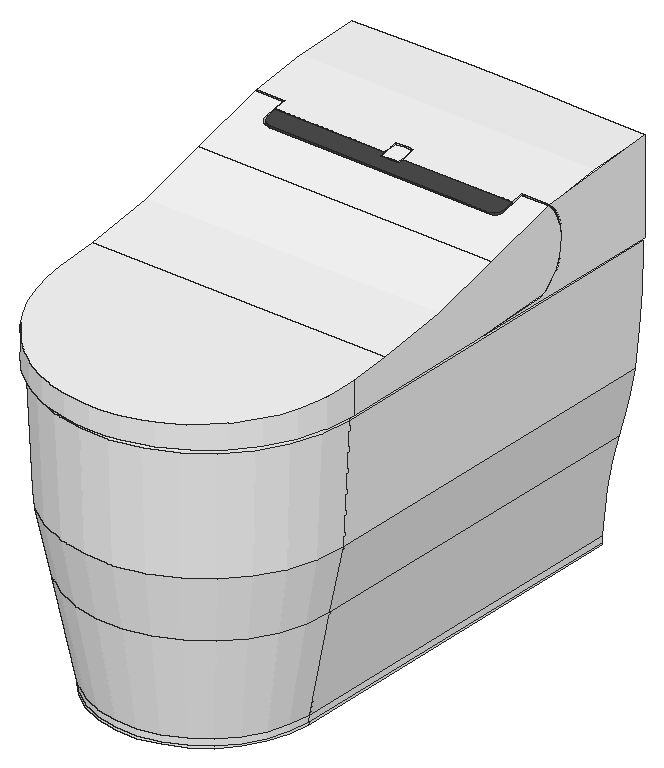
Revit family "Toilet-Bidet-DXV-AT200LS_SpaLet-D29030CS416-415", category Plumbing Fixtures, Revit 2018
Family settings
  Round Connector Dimension = Use Radius
  Part Type = Normal
  OmniClass Number = 23.45.05.21.11
  OmniClass Title = Water Closets
  Work Plane-Based = Yes
  Always vertical = No
  Cut with Voids When Loaded = No
  Shared = Yes
  Room Calculation Point = No
Parameters (values of type "D29030CS416-415")
  Width = 14 3/4"  # constant formula
  Waste Connection Radius = 1"
  Waste Connection Diameter = Waste Connection Radius * 2  # 2"
  Waste Connection = yes
  Warranty Information = "3 year warranty for residential , 2 year warranty for commercial."
  Warranty Documentation Link = "https://www.dxv.com/-/media/files/dxv/warranty/dxv_warranty_booklet.ashx"
  WFU = 5
  Voltage = 120 V
  Vent Connection = no
  URL = "http://www.dxv.com"
  Revised Date = "04/05/2021"  # constant formula
  Product Page URL = "https://www.dxv.com/product/at200ls-spalet-integrated-electronic-bidet-toilet"
  Product Documentation Link = "https://dxv01.blob.core.windows.net/dxv-product-pdf-files/spec_D29030CS416_DXV_AT200LS_SpaLet_bidet_toilet_EN.pdf"
  Price = "Prices may vary. Please consult Manufacturer Representative for most up-to-date price list."  # constant formula
  Model = "D29030CS416-415"
  Material = "Vitreous_China-DXV-415-Canvas_White"
  Manufacturer = "DXV"
  Length = 26 9/16"  # constant formula
  Installation Type = "Floor Mounted"
  IAPMO Compliance = "Meets or Exceeds ASME A112.19.2 / CSA B45.1, ASME A112.4.2 / CSA B45.16, UL 1431, CSA C22.2 No. 68-14 Update No. 3, CSA C22.2 No. 64-14EPA WaterSense® Certified"
  Height = 19 5/16"  # constant formula
  HWFU = 0
  HW Connection = no
  Frequency = 60 Hz
  Flush Rate = "1.32-0.92 gpf (4.9-3.4 lpf)"
  Finish = Vitreous_China-DXV-415-Canvas_White
  Electrical Connection Width = 9 1/16"
  Electrical Connection Height = 10"
  Description = "AT200LS SpaLet Integrated Electronic Bidet Toilet"
  Default Elevation = 0"
  Creation Date = "06/10/2014"  # constant formula
  Cold Water Connection Width = 9 1/16"
  Cold Water Connection Radius = 1/4"
  Cold Water Connection Height = 5 5/16"
  Cold Water Connection Diameter = Cold Water Connection Radius * 2  # 1/2"
  CWFU = 5
  CW Connection = yes
  Bowl Shape = "Elongated"
  Assembly Code = "D2010110"
  ADA Compliant = yes
Reference planes (in)
  plane 1 "Center (Front/Back)": y = 0
  plane 2: z = 0
  plane 3 "Center (Left/Right)": x = 0
  plane 4: z = 15.125
  plane 5: y = -25.5625
  plane 6: y = -12
  plane 7: y = -18.5
  plane 8: x = 5.125
  plane 9: x = -5.125
  plane 10: z = 5.3125
  plane 11: x = -9.0625
  plane 12: z = 10
  plane 13: x = -9.0625
  plane 14: x = 7.375
  plane 15: x = -7.375
  plane 16: y = -26.5625
  plane 17: y = -0.75
  plane 18: z = 15.75
  plane 19: z = 19.3125
  plane 20: x = -0.5
  plane 21: x = 0.5
  plane 22: y = -7.73302
  plane 23: y = -6.73302
  plane 24: x = 3.53125
  plane 25: x = 1.625
  plane 26: x = -3.53125
  plane 27: x = -1.625
  plane 28: x = -12
Forms (in)
  Extrusion 1, solid, material "Vitreous_China-DXV-415-Canvas_White" <- "Finish"
    sketch origin (0, 0, 0) x (1, 0, 0) y (0, 1, 0)
      loop
        circle (0, -12) r 1
    from 0 to -0.03125
  Extrusion 2, solid, material "Vitreous_China-DXV-415-Canvas_White" <- "Finish", not visible
    sketch origin (0, 0, 0) x (1, 0, 0) y (0, 0, 1)
      loop
        circle (-9.0625, 5.3125) r 0.25
    from 0 to 0.03125
  Extrusion 3, solid, material "Vitreous_China-DXV-415-Canvas_White", not visible
    sketch origin (-3.9375, 0, 0) x (1, 0, 0) y (0, 0, 1)
      loop
        line (-9.0625, 8.5) -> (-7.0625, 8.5) -> (-7.0625, 11.5) -> (-9.0625, 11.5) -> (-9.0625, 8.5)
    from 0 to 0.032
  Sweep 4, solid, material "Vitreous_China-DXV-415-Canvas_White" <- "Finish"
    path origin (0, 0, 0) x (1, 0, 0) y (0, 1, 0)
      loop
        line (-7.375, 0) -> (-7.375, -19.18352)
        arc (-7.375, -19.18352) -> (0, -26.55852) -> (7.375, -19.18352) r 7.375
        line (7.375, -19.18352) -> (7.375, 0)
    profile origin (-7.375, -9.59176, 0) x (1, 0, 0) y (0, 0, 1)
      loop
        line (2.25, 0) -> (6.76337, 0) -> (6.76337, 14.76547) -> (0.56764, 14.76547)
        arc (0.56764, 14.76547) -> (0.32217, 14.66454) -> (0.21869, 14.42014) r 0.34897
        arc (0.21869, 14.42014) -> (0.27813, 11.5136) -> (0.51687, 8.61628) r 47.07635
        arc (0.51687, 8.61628) -> (0.77859, 7.00679) -> (1.19375, 5.42991) r 16.95256
        arc (1.19375, 5.42991) -> (1.83782, 2.96506) -> (2.23283, 0.44826) r 25.50994
        arc (2.23283, 0.44826) -> (2.2457, 0.28626) -> (2.25, 0.1238) r 3.07467
        line (2.25, 0.1238) -> (2.25, 0)
  Extrusion 5, void
    sketch origin (0, 0, 0) x (0, 1, 0) y (0, 0, 1)
      loop
        arc (-27.38032, 15.7596) -> (-22.26498, 16.04418) -> (-17.159, 16.46465) r 192.69576
        arc (-17.159, 16.46465) -> (-13.80517, 16.97426) -> (-10.52814, 17.85118) r 30.66698
        arc (-10.52814, 17.85118) -> (-5.39413, 19.04362) -> (-0.13032, 19.3125) r 29.78636
        line (-0.13032, 19.3125) -> (-0.13032, 22.39507) -> (-27.38032, 22.39507) -> (-27.38032, 15.7596)
      loop
        line (-0.75, 0) -> (1.36968, 0) -> (1.36968, 15.03964) -> (-0.75, 15.03964) -> (-0.75, 14.03964)
        arc (-0.75, 14.03964) -> (-0.78632, 10.61237) -> (-0.94975, 7.18881) r 92.38675
        arc (-0.94975, 7.18881) -> (-1.02143, 4.96592) -> (-0.94183, 2.7433) r 32.69762
        line (-0.94183, 2.7433) -> (-0.75, 0)
    from -8.61702 to 7.9444
  Extrusion 6, solid, material "Vitreous_China-DXV-415-Canvas_White" <- "Finish"
    sketch origin (0, 0, 0) x (1, 0, 0) y (0, 1, 0)
      loop
        line (0.61163, 0) -> (-0.61163, 0) -> (-0.61163, -19.18352)
        arc (-0.61163, -19.18352) -> (0, -19.79515) -> (0.61163, -19.18352) r 0.61163
        line (0.61163, -19.18352) -> (0.61163, 0)
    from 0 to 14.76547
  Extrusion 7, solid, material "Vitreous_China-DXV-415-Canvas_White" <- "Finish"
    sketch origin (0, 0, -0.91558) x (1, 0, 0) y (0, 1, 0)
      loop
        line (-7.375, -0.88316) -> (-7.375, -19.18377)
        arc (-7.375, -19.18377) -> (0, -26.55877) -> (7.375, -19.18377) r 7.375
        line (7.375, -19.18377) -> (7.375, -0.88316)
        arc (7.375, -0.88316) -> (0, -0.75) -> (-7.375, -0.88316) r 204.30032
    from 15.6389 to 21.875
  Extrusion 8, void
    sketch origin (0, 0, -0.91558) x (0, 1, 0) y (0, 0, 1)
      loop
        arc (-7.37704, 15.82539) -> (-7.20802, 15.86129) -> (-7.05787, 15.94679) r 0.5625
        arc (-7.05787, 15.94679) -> (-6.10148, 17.94704) -> (-7.08545, 19.93386) r 2.53332
        line (-7.08545, 19.93386) -> (-7.13001, 19.8893)
        arc (-7.13001, 19.8893) -> (-6.16401, 17.95061) -> (-7.09677, 15.99571) r 2.47082
        arc (-7.09677, 15.99571) -> (-7.22801, 15.92056) -> (-7.37571, 15.88808) r 0.5
        line (-7.37571, 15.88808) -> (-12.46873, 15.55855) -> (-7.37704, 15.82539)
    from -7.59375 to -5.97066
  Extrusion 9, void
    sketch origin (0, 0, -0.91558) x (1, 0, 0) y (0, 1, 0)
      loop
        line (-5.97066, -6.84181) -> (-6.03316, -6.84181) -> (-6.03316, -7.92145)
        arc (-6.03316, -7.92145) -> (-5.89182, -8.26268) -> (-5.55058, -8.40403) r 0.48258
        line (-5.55058, -8.40403) -> (5.55058, -8.40403)
        arc (5.55058, -8.40403) -> (5.89182, -8.26268) -> (6.03316, -7.92145) r 0.48258
        line (6.03316, -7.92145) -> (6.03316, -6.84181) -> (5.97066, -6.84181) -> (5.97066, -7.41823) -> (0.49359, -7.41823)
        arc (0.49359, -7.41823) -> (0.49436, -7.10817) -> (0.4472, -6.80172) r 2
        arc (0.4472, -6.80172) -> (0.43868, -6.78656) -> (0.42339, -6.77831) r 0.03125
        arc (0.42339, -6.77831) -> (0.00005, -6.73302) -> (-0.42328, -6.77828) r 2.00176
        arc (-0.42328, -6.77828) -> (-0.43866, -6.78659) -> (-0.44723, -6.80182) r 0.03142
        arc (-0.44723, -6.80182) -> (-0.49437, -7.10823) -> (-0.49359, -7.41823) r 2
        line (-0.49359, -7.41823) -> (-5.97066, -7.41823) -> (-5.97066, -6.84181)
      loop
        arc (-0.39078, -6.8353) -> (-0.43731, -7.2313) -> (-0.4018, -7.62844) r 1.9375
        arc (-0.4018, -7.62844) -> (0, -7.67052) -> (0.4018, -7.62844) r 1.93926
        arc (0.4018, -7.62844) -> (0.43731, -7.2313) -> (0.39078, -6.8353) r 1.9375
        arc (0.39078, -6.8353) -> (0, -6.79552) -> (-0.39078, -6.8353) r 1.93926
    from 18.11194 to 20.08083
  Extrusion 10, solid, material "Plastic-DXV-Black"
    sketch origin (0, 0, -0.91558) x (1, 0, 0) y (0, 1, 0)
      loop
        arc (-5.97066, -7.92145) -> (-5.84762, -8.21849) -> (-5.55058, -8.34153) r 0.42008
        line (-5.55058, -8.34153) -> (5.55058, -8.34153)
        arc (5.55058, -8.34153) -> (5.84762, -8.21849) -> (5.97066, -7.92145) r 0.42008
        line (5.97066, -7.92145) -> (5.97066, -7.41823) -> (0.49359, -7.41823)
        arc (0.49359, -7.41823) -> (0.48004, -7.54011) -> (0.45904, -7.66092) r 2
        arc (0.45904, -7.66092) -> (0.45071, -7.67655) -> (0.43522, -7.68513) r 0.03125
        arc (0.43522, -7.68513) -> (0, -7.73302) -> (-0.43522, -7.68513) r 2.00176
        arc (-0.43522, -7.68513) -> (-0.45071, -7.67655) -> (-0.45904, -7.66092) r 0.03125
        arc (-0.45904, -7.66092) -> (-0.48004, -7.54011) -> (-0.49359, -7.41823) r 2
        line (-0.49359, -7.41823) -> (-5.97066, -7.41823) -> (-5.97066, -7.92145)
    from 18.11194 to 20.83209
  Extrusion 11, void
    sketch origin (0, 0, -0.91558) x (0, 1, 0) y (0, 0, -1)
      loop
        line (-7.37704, -15.82539) -> (-12.46873, -15.55855) -> (-7.37571, -15.88808)
        arc (-7.37571, -15.88808) -> (-7.22801, -15.92056) -> (-7.09677, -15.99571) r 0.5
        arc (-7.09677, -15.99571) -> (-6.16401, -17.95061) -> (-7.13001, -19.8893) r 2.47082
        line (-7.13001, -19.8893) -> (-7.08545, -19.93386)
        arc (-7.08545, -19.93386) -> (-6.10148, -17.94704) -> (-7.05787, -15.94679) r 2.53332
        arc (-7.05787, -15.94679) -> (-7.20802, -15.86129) -> (-7.37704, -15.82539) r 0.5625
    from -7.59375 to -5.97066
Cuts and joins
  Extrusion 5, Extrusion 11 cuts Extrusion 1
  Extrusion 5 cuts Sweep 4
  Extrusion 5, Extrusion 11 cuts Extrusion 6
  joined: Extrusion 1, Sweep 4, Extrusion 6
  Extrusion 5, Extrusion 8, Extrusion 9, Extrusion 11 cuts Extrusion 7
  Extrusion 5 cuts Extrusion 10
Lines and regions (in)
  Masking region 1
    outline origin (0, 0, 0) x (1, 0, 0) y (0, 1, 0)
      loop
        line (-7.375, -1.18623) -> (-7.375, -19.18377)
        arc (-7.375, -19.18377) -> (0, -26.55877) -> (7.375, -19.18377) r 7.375
        line (7.375, -19.18377) -> (7.375, -1.18623)
        arc (7.375, -1.18623) -> (7.30634, -1.01414) -> (7.13806, -0.93657) r 0.25
        arc (7.13806, -0.93657) -> (0, -0.75) -> (-7.13806, -0.93657) r 136.63894
        arc (-7.13806, -0.93657) -> (-7.30634, -1.01414) -> (-7.375, -1.18623) r 0.25
  symbolic lines, detail levels medium+fine
    curve 1: line (5.97066, -6.84181, 0) -> (7.375, -6.84181, 0)
    curve 2: line (-7.375, -6.84181, 0) -> (-5.97066, -6.84181, 0)
    curve 3: line (-5.97066, -6.84181, 0) -> (-5.97066, -7.92145, 0)
    curve 4: arc (-5.97066, -7.92145, 0) -> (-5.84762, -8.21849, 0) -> (-5.55058, -8.34153, 0) r 0.42008
    curve 5: line (-5.55058, -8.34153, 0) -> (5.55058, -8.34153, 0)
    curve 6: line (-5.55058, -8.34153, 0) -> (5.55058, -8.34153, 0)
    curve 7: arc (5.55058, -8.34153, 0) -> (5.84762, -8.21849, 0) -> (5.97066, -7.92145, 0) r 0.42008
    curve 8: line (5.97066, -7.92145, 0) -> (5.97066, -6.84181, 0)
    curve 9: line (7.375, -6.91632, 0) -> (6.03316, -6.91632, 0)
    curve 10: line (6.03316, -7.92145, 0) -> (6.03316, -6.91632, 0)
    curve 11: arc (5.55058, -8.40403, 0) -> (5.89182, -8.26268, 0) -> (6.03316, -7.92145, 0) r 0.48258
    curve 12: line (-5.55058, -8.40403, 0) -> (5.55058, -8.40403, 0)
    curve 13: arc (-6.03316, -7.92145, 0) -> (-5.89182, -8.26268, 0) -> (-5.55058, -8.40403, 0) r 0.48258
    curve 14: line (-6.03316, -6.91632, 0) -> (-6.03316, -7.92145, 0)
    curve 15: line (-6.03316, -6.91632, 0) -> (-7.375, -6.91632, 0)
  symbolic lines, detail levels fine
    curve 16: line (-0.49359, -7.41823, 0) -> (-5.97066, -7.41823, 0)
    curve 17: line (5.97066, -7.41823, 0) -> (0.49359, -7.41823, 0)
    curve 18: arc (0.4472, -6.80172, 0) -> (0.49981, -7.23068, 0) -> (0.45904, -7.66092, 0) r 2
    curve 19: arc (0.45904, -7.66092, 0) -> (0.45071, -7.67655, 0) -> (0.43522, -7.68513, 0) r 0.03125
    curve 20: arc (0.43522, -7.68513, 0) -> (0, -7.73302, 0) -> (-0.43522, -7.68513, 0) r 2.00176
    curve 21: arc (-0.43522, -7.68513, 0) -> (-0.45071, -7.67655, 0) -> (-0.45904, -7.66092, 0) r 0.03125
    curve 22: arc (-0.45904, -7.66092, 0) -> (-0.49981, -7.23073, 0) -> (-0.44723, -6.80182, 0) r 2
    curve 23: arc (-0.42328, -6.77828, 0) -> (-0.43866, -6.78659, 0) -> (-0.44723, -6.80182, 0) r 0.03142
    curve 24: arc (0.42339, -6.77831, 0) -> (0.00005, -6.73302, 0) -> (-0.42328, -6.77828, 0) r 2.00176
    curve 25: arc (0.4472, -6.80172, 0) -> (0.43868, -6.78656, 0) -> (0.42339, -6.77831, 0) r 0.03125
    curve 26: arc (0.39078, -6.8353, 0) -> (0.43731, -7.2313, 0) -> (0.4018, -7.62844, 0) r 1.9375
    curve 27: arc (-0.39078, -6.8353, 0) -> (0, -6.79552, 0) -> (0.39078, -6.8353, 0) r 1.93926
    curve 28: arc (-0.4018, -7.62844, 0) -> (-0.43731, -7.2313, 0) -> (-0.39078, -6.8353, 0) r 1.9375
    curve 29: arc (0.4018, -7.62844, 0) -> (0, -7.67052, 0) -> (-0.4018, -7.62844, 0) r 1.93926
Dimensions and locks (in)
  "Cold Water Connection Width": plane 3 "Center (Left/Right)" to plane 11
  "Cold Water Connection Height": plane 10 to level
  "Electrical Connection Height": plane 12 to level
  "Electrical Connection Width": plane 3 "Center (Left/Right)" to plane 13
  equal spacing: plane 13, Extrusion 3 sketch curve, Extrusion 3 sketch curve
  locked: Extrusion 3 sketch curve to Extrusion 3 sketch curve at 2
  locked: Extrusion 3 sketch curve to Extrusion 3 sketch curve at 3
  plane 1 "Center (Front/Back)" to plane 6 = 12"
  equal spacing: plane 15, plane 3 "Center (Left/Right)", plane 14
  plane 15 to plane 14 = 14 3/4"
  plane 16 to plane 1 "Center (Front/Back)" = 26 9/16"
  plane 16 to plane 17 = 25 13/16"
  plane 18 to level = 15 3/4"  (x2)
  equal spacing: plane 27, plane 3 "Center (Left/Right)", plane 25
  plane 27 to plane 25 = 3 1/4"
  equal spacing: plane 26, plane 3 "Center (Left/Right)", plane 24
  plane 26 to plane 24 = 7 1/16"
  plane 19 to level = 19 5/16"
  plane 1 "Center (Front/Back)" to plane 16 = 26 9/16"
  plane 17 to plane 16 = 25 13/16"
  plane 6 to plane 1 "Center (Front/Back)" = 12"
  aligned and locked: Sweep 4 to Extrusion 6
Automatic sketch dimensions
  Extrusion 1 sketch curve to plane 3 "Center (Left/Right)" = 0"
  plane 6 to Extrusion 1 sketch curve = 0"
  Extrusion 2 sketch curve to plane 10 = 0"
  Extrusion 2 sketch curve to plane 11 = 0"
  Extrusion 3 sketch curve to plane 12 = 1 1/2"
  Sweep 4 sketch curve to plane 15 = 0"
  Sweep 4 sketch curve to plane 3 "Center (Left/Right)" = 0"
  plane 1 "Center (Front/Back)" to Sweep 4 sketch curve = 0"  (x2)
  plane 7 to Sweep 4 sketch curve = 0.68352"
  Sweep 4 sketch curve to level = 0"
  Sweep 4 sketch curve to level = 2.24377"
  profile plane to Sweep 4 sketch curve = 23.13467"
  level to Sweep 4 sketch curve = 0.1238"
  profile plane to Sweep 4 sketch curve = 0.82467"
  Sweep 4 sketch curve to profile plane = 0.56764"
  Sweep 4 sketch curve to profile plane = 2 1/4"
  Sweep 4 sketch curve to Sweep 4 sketch curve = 4.51337"
  Sweep 4 sketch curve to Sweep 4 sketch curve = 10.59776"
  level to Sweep 4 sketch curve = 13.929"
  Sweep 4 sketch curve to Sweep 4 sketch curve = 29.93134"
  level to Sweep 4 sketch curve = 10.52943"
  Sweep 4 sketch curve to Sweep 4 sketch curve = 13.96823"
  Sweep 4 sketch curve to Sweep 4 sketch curve = 0.34897"
  Sweep 4 sketch curve to Sweep 4 sketch curve = 0"  (x3)
  plane 1 "Center (Front/Back)" to Extrusion 6 sketch curve = 0"
  Extrusion 6 sketch curve to plane 3 "Center (Left/Right)" = 0"
  Extrusion 6 sketch curve to Extrusion 6 sketch curve = 0.61163"
  plane 7 to Extrusion 6 sketch curve = 0.68352"
  Extrusion 7 sketch curve to plane 15 = 0"
  Extrusion 7 sketch curve to plane 3 "Center (Left/Right)" = 0"  (x2)
  plane 16 to Extrusion 7 sketch curve = 178.48782"
  plane 7 to Extrusion 7 sketch curve = 0.68377"
  Extrusion 7 sketch curve to plane 17 = 0.13316"
  Extrusion 8 sketch curve to Extrusion 8 sketch curve = 0"  (x4)
  plane 6 to Extrusion 8 sketch curve = 0.46873"
  plane 18 to Extrusion 8 sketch curve = 1.26394"
  Extrusion 8 sketch curve to plane 6 = 3.36527"
  Extrusion 8 sketch curve to plane 18 = 0.27854"
  Extrusion 8 sketch curve to Extrusion 8 sketch curve = 1.22674"
  plane 4 to Extrusion 8 sketch curve = 0.21519"
  Extrusion 8 sketch curve to Extrusion 8 sketch curve = 0.03096"
  plane 4 to Extrusion 8 sketch curve = 0.1525"
  Extrusion 8 sketch curve to Extrusion 8 sketch curve = 0.00133"
  Extrusion 8 sketch curve to plane 19 = 0.33878"
  Extrusion 8 sketch curve to Extrusion 8 sketch curve = 1.50472"
  Extrusion 8 sketch curve to plane 19 = 0.29421"
  Extrusion 8 sketch curve to Extrusion 8 sketch curve = 0.04456"
  plane 4 to Extrusion 8 sketch curve = 0.48203"
  Extrusion 9 sketch curve to Extrusion 9 sketch curve = 0"  (x8)
  Extrusion 9 sketch curve to plane 3 "Center (Left/Right)" = 0"  (x2)
  Extrusion 9 sketch curve to plane 20 = 0.08336"
  Extrusion 9 sketch curve to plane 20 = 0.00641"
  Extrusion 9 sketch curve to plane 27 = 1/8"
  Extrusion 9 sketch curve to plane 9 = 0.42558"
  Extrusion 9 sketch curve to plane 22 = 0.31479"  (x2)
  Extrusion 9 sketch curve to Extrusion 9 sketch curve = 0.42008"  (x2)
  plane 22 to Extrusion 9 sketch curve = 0.18843"  (x2)
  Extrusion 9 sketch curve to Extrusion 9 sketch curve = 0.48258"
  Extrusion 9 sketch curve to plane 21 = 0.08322"
  Extrusion 9 sketch curve to plane 21 = 0.00641"
  Extrusion 9 sketch curve to plane 25 = 1/8"
  Extrusion 9 sketch curve to plane 8 = 0.42558"
  plane 22 to Extrusion 9 sketch curve = 1.00176"
  Extrusion 9 sketch curve to plane 22 = 0.47479"  (x2)
  Extrusion 9 sketch curve to plane 23 = 0.10879"  (x2)
  Extrusion 9 sketch curve to plane 23 = 0.07597"
  Extrusion 9 sketch curve to plane 23 = 0.07583"
  plane 23 to Extrusion 9 sketch curve = 1.00176"
  Extrusion 9 sketch curve to Extrusion 9 sketch curve = 0.02586"
  Extrusion 9 sketch curve to plane 20 = 0.0982"
  Extrusion 9 sketch curve to Extrusion 9 sketch curve = 0.00664"
  Extrusion 9 sketch curve to Extrusion 9 sketch curve = 0.026"
  Extrusion 9 sketch curve to plane 22 = 0.10458"
  Extrusion 10 sketch curve to plane 3 "Center (Left/Right)" = 0"
  Extrusion 10 sketch curve to plane 3 "Center (Left/Right)" = 0.42843"
  Extrusion 10 sketch curve to Extrusion 10 sketch curve = 0.06516"  (x2)
  Extrusion 10 sketch curve to plane 27 = 1/8"
  Extrusion 10 sketch curve to plane 9 = 0.42558"
  Extrusion 10 sketch curve to Extrusion 10 sketch curve = 0.42008"  (x2)
  plane 3 "Center (Left/Right)" to Extrusion 10 sketch curve = 0.42843"
  Extrusion 10 sketch curve to plane 25 = 1/8"
  Extrusion 10 sketch curve to plane 8 = 0.42558"
  Extrusion 10 sketch curve to plane 6 = 3.65847"
  Extrusion 10 sketch curve to plane 6 = 4.34537"
  Extrusion 10 sketch curve to Extrusion 10 sketch curve = 0"  (x3)
  Extrusion 10 sketch curve to Extrusion 10 sketch curve = 0.50321"
  Extrusion 10 sketch curve to Extrusion 10 sketch curve = 0.2364"
  Extrusion 10 sketch curve to Extrusion 10 sketch curve = 0.16"  (x2)
  Extrusion 10 sketch curve to Extrusion 10 sketch curve = 1.68697"
  Extrusion 10 sketch curve to Extrusion 10 sketch curve = 0.00679"
  Extrusion 11 sketch curve to Extrusion 11 sketch curve = 0"  (x4)
  plane 6 to Extrusion 11 sketch curve = 0.46873"
  plane 18 to Extrusion 11 sketch curve = 1.26394"
  Extrusion 11 sketch curve to plane 6 = 3.36527"
  Extrusion 11 sketch curve to plane 18 = 0.27854"
  Extrusion 11 sketch curve to Extrusion 11 sketch curve = 1.22674"
  plane 4 to Extrusion 11 sketch curve = 0.21519"
  Extrusion 11 sketch curve to Extrusion 11 sketch curve = 0.03096"
  plane 4 to Extrusion 11 sketch curve = 0.1525"
  Extrusion 11 sketch curve to Extrusion 11 sketch curve = 0.00133"
  Extrusion 11 sketch curve to plane 19 = 0.33878"
  Extrusion 11 sketch curve to Extrusion 11 sketch curve = 1.50472"
  Extrusion 11 sketch curve to plane 19 = 0.29421"
  Extrusion 11 sketch curve to Extrusion 11 sketch curve = 0.04456"
  plane 4 to Extrusion 11 sketch curve = 0.48203"
  curve 4 to curve 13 = 0"  (x2)
  curve 7 to curve 11 = 0"  (x2)
  curve 18 to curve 26 = 0"  (x2)
  curve 20 to curve 29 = 0"  (x2)
  curve 22 to curve 28 = 0"  (x2)
  curve 24 to curve 27 = 0"  (x2)
  curve 15 to plane 15 = 0"
  curve 2 to plane 15 = 0"
  curve 24 to plane 3 "Center (Left/Right)" = 0"
  curve 29 to plane 3 "Center (Left/Right)" = 0"
  curve 9 to plane 14 = 0"
  curve 1 to plane 14 = 0"
  curve 15 to plane 9 = 0.90816"
  curve 14 to curve 3 = 1/16"
  curve 4 to curve 4 = 0.42008"
  curve 22 to curve 21 = 0.0188"
  curve 23 to plane 3 "Center (Left/Right)" = 0.41664"
  curve 19 to curve 17 = 0.06516"
  curve 28 to plane 25 = 1/8"
  curve 6 to plane 8 = 0.42558"
  curve 1 to plane 8 = 0.84566"
  curve 24 to plane 6 = 3.26522"
  curve 12 to plane 6 = 3.59597"
  curve 21 to curve 19 = 0"
  curve 19 to curve 17 = 0.2364"
  curve 21 to curve 16 = 0.2364"
  curve 16 to curve 26 = 0.16"
  curve 16 to curve 15 = 0.50192"
  curve 17 to curve 10 = 0.50192"
  curve 9 to curve 1 = 0.07451"
  curve 14 to curve 2 = 0.07451"
  curve 25 to curve 18 = 0.00713"
  curve 25 to curve 20 = 1.07759"
  curve 21 to curve 22 = 0"
  curve 23 to curve 23 = 0.03059"
  curve 20 to curve 21 = 0"
  curve 23 to curve 23 = 0.00664"
  curve 24 to curve 23 = 0"
  curve 21 to curve 28 = 0.02663"
  curve 23 to curve 28 = 0.02586"
  curve 26 to curve 25 = 0.026"
  curve 25 to curve 24 = 0"
  curve 19 to curve 20 = 0"
  curve 19 to curve 29 = 0.02619"
  curve 18 to plane 27 = 1/8"
  curve 25 to curve 25 = 0.03043"
  curve 16 to curve 21 = 0.06516"
  curve 21 to curve 21 = 0.03061"
  curve 16 to curve 27 = 0.10281"
  curve 18 to curve 25 = 0"
  Extrusion 5 sketch curve to plane 17 = 0"  (x2)
  Extrusion 5 sketch curve to level = 0"
  Extrusion 5 sketch curve to plane 19 = 0"
  Extrusion 5 sketch curve to plane 17 = 0.19183"
  Extrusion 5 sketch curve to plane 17 = 0.49867"
  plane 7 to Extrusion 5 sketch curve = 1.58195"
  plane 18 to Extrusion 5 sketch curve = 0.0096"
  plane 16 to Extrusion 5 sketch curve = 0.81782"
  plane 16 to Extrusion 5 sketch curve = 8.96283"
  plane 4 to Extrusion 5 sketch curve = 1.82005"
  plane 1 "Center (Front/Back)" to Extrusion 5 sketch curve = 0.13032"
  plane 4 to Extrusion 5 sketch curve = 0.08536"
  Extrusion 5 sketch curve to plane 1 "Center (Front/Back)" = 1.36968"
  plane 10 to Extrusion 5 sketch curve = 0.28833"
  Extrusion 5 sketch curve to Extrusion 5 sketch curve = 30.30646"
  Extrusion 5 sketch curve to level = 10.45286"
  plane 10 to Extrusion 5 sketch curve = 2.5692"
  Extrusion 5 sketch curve to Extrusion 5 sketch curve = 3.08257"
  Extrusion 5 sketch curve to Extrusion 5 sketch curve = 24.59695"
  Extrusion 5 sketch curve to Extrusion 5 sketch curve = 161.29113"
  Extrusion 5 sketch curve to plane 17 = 0.19975"
  Extrusion 5 sketch curve to Extrusion 5 sketch curve = 0"  (x2)
  Masking region 1 sketch curve to plane 3 "Center (Left/Right)" = 0"  (x2)
  Masking region 1 sketch curve to Masking region 1 sketch curve = 1/4"  (x2)
  plane 16 to Masking region 1 sketch curve = 110.82644"
  plane 7 to Masking region 1 sketch curve = 0.68377"
  Masking region 1 sketch curve to plane 17 = 0.43623"  (x2)
  Masking region 1 sketch curve to Masking region 1 sketch curve = 0"
  Masking region 1 sketch curve to plane 15 = 0"
  radius of Extrusion 1 sketch curve = 1"
  radius of Extrusion 2 sketch curve = 1/4"
Connectors (in)
  piping at (0, -12, -0.03125), diameter 2, driven by "Waste Connection Radius", driven by "WFU"
    settings: on Extrusion 1, index 1, connector inside diameter 2", connector length 0", flow factor 0, pipe flow 0 GPM, pressure drop 0.00 psi, fitting loss kfactor 0, connector angle 0.00°, fixture units 5, engagement length 0", angle of deflection 0.00°, flow configuration 3, flow direction 2, fitting loss method 0, system type 16, joint type 0, gender type 0, connector reference index -1, connector utility 0, adjustable connector no, is connector primary yes, connector description "2\" Waste Outlet Connection"
  piping at (-9.0625, 0, 5.3125), diameter 0.5, driven by "Cold Water Connection Radius", driven by "CWFU"
    settings: on Extrusion 2, index 2, connector inside diameter 3/4", connector length 0", flow factor 0, pipe flow 0 GPM, pressure drop 0.00 psi, fitting loss kfactor 0, connector angle 0.00°, fixture units 5, engagement length 0", angle of deflection 0.00°, flow configuration 3, flow direction 1, fitting loss method 0, system type 20, joint type 0, gender type 0, connector reference index -1, connector utility 0, adjustable connector no, is connector primary no, connector description "1/2\" Supply Inlet Connection"
  electrical at (-12, 0, 10), driven by "Voltage"
    settings: on Extrusion 3, index 3, voltage 120 V, apparent load 0 VA, apparent load phase1 0 VA, apparent load phase2 0 VA, apparent load phase3 0 VA, power factor 1, load classification "Other", number of poles 1, system type 30, power factor state 1, is connector primary yes, connector utility no, sub classification motor no, connector description "120V GFCI-Protected Electrical Outlet Connection (By Others)"
